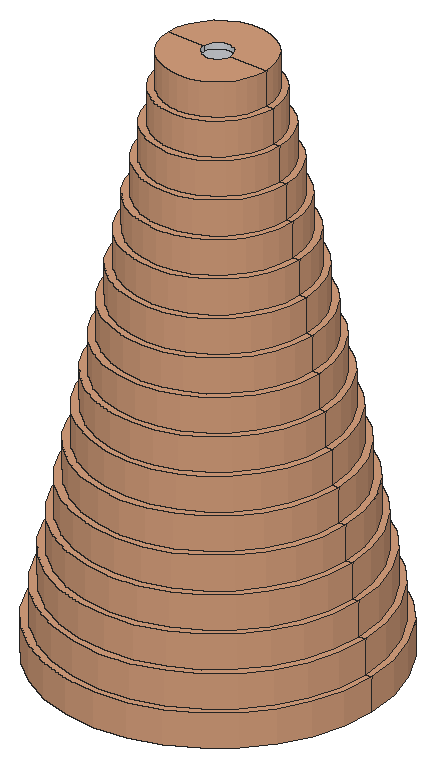
Revit family "PEJ SHADE", category Lighting Fixtures, Revit 2024
Family settings
  Round Connector Dimension = Use Diameter
  Part Type = Normal
  OmniClass Number = 23.80.70.00
  OmniClass Title = Lighting
  Work Plane-Based = No
  Always vertical = Yes
  Cut with Voids When Loaded = No
  Light Source = Yes
  Maintain Annotation Orientation = No
  Shared = No
  Room Calculation Point = No
Parameters
  Wattage = 12.1178 W
  built-in parameter 1150110 = 1 (stored number, unit not read)
  built-in parameter 1114217 = 1 (stored number, unit not read)
  built-in parameter 1150109 = 1 (stored number, unit not read)
  built-in parameter 1150134 = (empty or 0)
  built-in parameter 1150113 = 1 (stored number, unit not read)
  Lumens = 1800 lm
  built-in parameter 1150115 = 1 (stored number, unit not read)
  built-in parameter 1150105 = 572.96 (stored number, unit not read)
  Light Source Symbol Size = 2' - 0"
  built-in parameter 1150137 = (empty or 0)
  built-in parameter 1150139 = (empty or 0)
  built-in parameter 1150112 = 1 (stored number, unit not read)
  built-in parameter 1150114 = 1 (stored number, unit not read)
  built-in parameter 1150132 = 2
  built-in parameter 1150102 = (empty or 0)
  built-in parameter 1150138 = (empty or 0)
  built-in parameter 1150107 = 3000 (stored number, unit not read)
  built-in parameter 1150106 = 5.7296 (stored number, unit not read)
  built-in parameter 1150104 = 13.8 (stored number, unit not read)
  Dimming Lamp Color Temperature Shift = (empty or 0)
  Default Elevation = 0' - 0"
  Color Filter = 16777215
  built-in parameter 1114218 = 1 (stored number, unit not read)
  built-in parameter 1150133 = 10 (stored number, unit not read)
Reference planes (in)
  plane 1 "Light Source Axis (F/B)": y = 0
  plane 2: z = 0
  plane 3 "Light Source Axis (L/R)": x = 0
  plane 4 "Light Source Elevation": z = 84
Forms (in)
  Revolve 1, solid
    sketch origin (0, 0, 0) x (1, 0, 0) y (0, 0, 1)
      loop
        line (-0.25, 94) -> (-0.91516, 94) -> (-0.91516, 93.41168) -> (-1.03765, 93.41168) -> (-1.03765, 92.82345) -> (-1.16014, 92.82345) -> (-1.16014, 92.23522) -> (-1.28263, 92.23522) -> (-1.28263, 91.64699) -> (-1.40512, 91.64699) -> (-1.40512, 91.05876) -> (-1.52761, 91.05876) -> (-1.52761, 90.47053) -> (-1.6501, 90.47053) -> (-1.6501, 89.8823) -> (-1.77259, 89.8823) -> (-1.77259, 89.29407) -> (-1.89508, 89.29407) -> (-1.89508, 88.70584) -> (-2.01757, 88.70584) -> (-2.01757, 88.11761) -> (-2.14006, 88.11761) -> (-2.14006, 87.52938) -> (-2.26255, 87.52938) -> (-2.26255, 86.94115) -> (-2.38504, 86.94115) -> (-2.38504, 86.35292) -> (-2.50753, 86.35292) -> (-2.50753, 85.76469) -> (-2.63002, 85.76469) -> (-2.63002, 85.17646) -> (-2.75251, 85.17646) -> (-2.75251, 84.58823) -> (-2.875, 84.58823) -> (-2.875, 84) -> (-2.78125, 84) -> (-2.78125, 84.49448) -> (-2.65876, 84.49448) -> (-2.65876, 85.08271) -> (-2.53627, 85.08271) -> (-2.53627, 85.67094) -> (-2.41378, 85.67094) -> (-2.41378, 86.25917) -> (-2.29129, 86.25917) -> (-2.29129, 86.8474) -> (-2.1688, 86.8474) -> (-2.1688, 87.43563) -> (-2.04631, 87.43563) -> (-2.04631, 88.02386) -> (-1.92382, 88.02386) -> (-1.92382, 88.61209) -> (-1.80133, 88.61209) -> (-1.80133, 89.20032) -> (-1.67884, 89.20032) -> (-1.67884, 89.78855) -> (-1.55635, 89.78855) -> (-1.55635, 90.37678) -> (-1.43386, 90.37678) -> (-1.43386, 90.96501) -> (-1.31137, 90.96501) -> (-1.31137, 91.55324) -> (-1.18888, 91.55324) -> (-1.18888, 92.14147) -> (-1.06639, 92.14147) -> (-1.06639, 92.7297) -> (-0.9439, 92.7297) -> (-0.9439, 93.31793) -> (-0.82141, 93.31793) -> (-0.82141, 93.90625) -> (-0.25, 93.90625) -> (-0.25, 94)
      axis (0, 84) -> (0, 94)
    angle from 0 to 360
Dimensions and locks (in)
  aligned and locked: plane 3 "Light Source Axis (L/R)" to imposter light
  aligned and locked: plane 1 "Light Source Axis (F/B)" to imposter light
  aligned and locked: plane 4 "Light Source Elevation" to imposter light
  aligned and locked: level to plane 2
